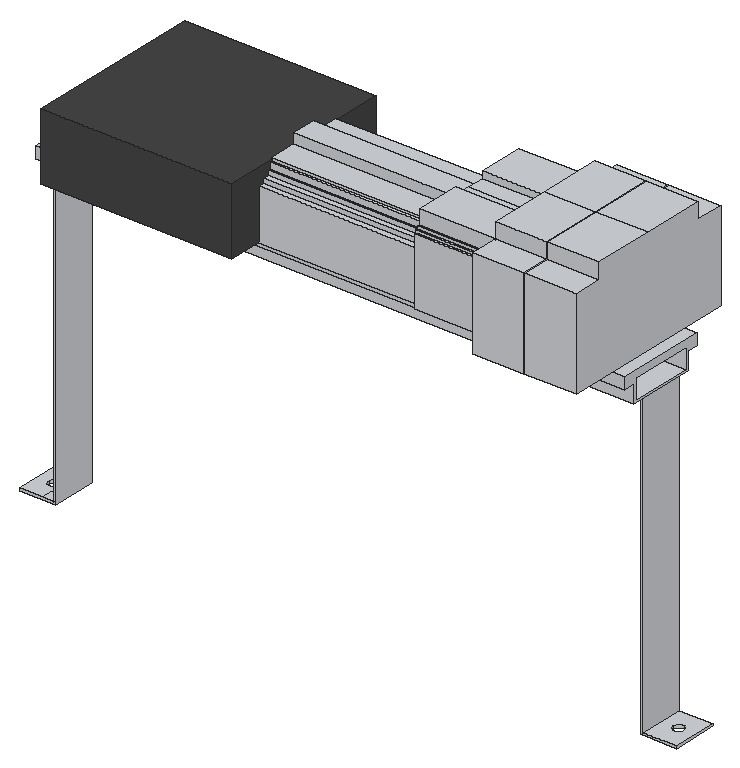
Revit family "БПО_RV17_LOD400 (07.12.2023)", category Электрооборудование, Revit 2017
Family settings
  Конфигурация панели = Два столбца, слева направо
  Размер круглого соединителя = Использовать диаметр
  Тип детали = Щит
  На основе рабочей плоскости = Да
  Всегда вертикально = Нет
  При загрузке вырезать с полостями = Нет
  Общий = Нет
  Точка расчета площади = Нет
Parameters (values of type "БПО")
  Смещение_УГО_Y [instance] = 0 mm
  Смещение_УГО_X [instance] = 0 mm
  Раздел проекта [instance] = ""
  Раздел Спецификации [instance] = ""
  Default Elevation = 1219.2 mm
  Клеммы, для подключения оборудования с сечением S=0,5-4 мм2 = 14
  Клеммы, для подключения дополнительного питания с сечением S=16 мм2 = 2
  Диапазон рабочих температур, °С = "от –40 до +50"
  Вариант исполнения в составе контроллера STS-504 = "уличное"
  В_Смещение_УГО_Y [instance] = Смещение_УГО_Y + 2000 mm  # 2000 mm
  В_Смещение_УГО_X [instance] = Смещение_УГО_X + 2000 mm  # 2000 mm
  d_короба = 20 mm
  ADSK_Размер_Длина = 292 mm
  ADSK_Размер_Глубина = 80 mm
  ADSK_Размер_Высота = 194 mm
  ADSK_Примечание = ""
  ADSK_Наименование = "Блок БПО"
  ADSK_Масса = 1
  ADSK_Марка = "СТАЕ.426479.014"
  ADSK_Количество = 1
  ADSK_Завод-изготовитель = "ООО «Основа Безопасности»"  # constant formula
  ADSK_Единица измерения = "шт."  # constant formula
  ADSK_URL страницы изделия = "https://stilsoft.ru/products/blok-bpo"
  ADSK_URL документации изделия = ""
Reference planes
  plane 1 "По центру (Вперед/Назад)": y = 0
  plane 2: z = 0
  plane 3 "По центру (Влево/Вправо)": x = 0
  plane 4: y = 2000
  plane 5: x = -2000
  plane 6: x = 0
  plane 7: y = 0
  plane 8: x = 146
  plane 9: x = -146
  plane 10: y = 40
  plane 11: y = -40
  plane 12: z = 194
Forms (mm)
  Extrusion 1, solid, detail levels medium+fine
    sketch origin (0, 0, 0) x (1, 0, 0) y (0, 0, 1)
      loop
        line (-146, -0.032) -> (-130, -0.032) -> (-130, 133) -> (130, 133) -> (130, 0) -> (146, 0) -> (146, 1) -> (131, 1) -> (131, 134) -> (79, 134) -> (-131, 134) -> (-131, 1) -> (-136, 1) -> (-146, 1) -> (-146, -0.032)
    from -10 to 10
  Extrusion 2, void, detail levels medium+fine
    sketch origin (0, 0, 0) x (1, 0, 0) y (0, 1, 0)
      loop
        circle (-138.789, 0) r 2.493
      loop
        circle (138.789, 0) r 2.493
    from 0 to 1
  Extrusion 3, solid, detail levels medium+fine
    sketch origin (0, 0, 0) x (0, 1, 0) y (0, 0, 1)
      loop
        line (15, 134) -> (15, 142) -> (20, 142) -> (20, 147) -> (-20, 147) -> (-20, 142) -> (-15, 142) -> (-15, 134) -> (15, 134)
      loop
        line (-14, 144) -> (-14, 135) -> (14, 135) -> (14, 144) -> (-14, 144)
    from -131 to 131
  Extrusion 4, solid, material "По умолчанию", detail levels medium+fine
    sketch origin (0, 0, 0) x (1, 0, 0) y (0, 1, 0)
      loop
        line (-112.967, 40) -> (-112.967, -40) -> (-27.921, -40) -> (-27.921, 40) -> (-112.967, 40)
    from 147 to 177
  Extrusion 5, solid, detail levels medium+fine
    sketch origin (0, 0, 0) x (0, 1, 0) y (0, 0, 1)
      loop
        line (25, 147) -> (25, 169.57) -> (22.513, 169.57) -> (22.513, 171.535) -> (20.013, 171.535) -> (20.013, 173.535) -> (19.013, 173.535) -> (19.013, 176.535) -> (18.013, 176.535) -> (18.013, 177.495) -> (5.517, 177.495) -> (5.517, 182) -> (-5.517, 182) -> (-5.517, 177.495) -> (-18.013, 177.495) -> (-18.013, 176.535) -> (-19.013, 176.535) -> (-19.013, 173.535) -> (-20.013, 173.535) -> (-20.013, 171.535) -> (-22.513, 171.535) -> (-22.513, 169.57) -> (-25, 169.57) -> (-25, 147) -> (25, 147)
    from -27.921 to 45.581
  Extrusion 6, solid, detail levels medium+fine
    sketch origin (0, 0, 0) x (0, 1, 0) y (0, 0, 1)
      loop
        line (-20, 147) -> (20, 147) -> (26.448, 148.728) -> (28.448, 148.728) -> (30.448, 148.728) -> (30.448, 178.728) -> (29.448, 178.728) -> (29.448, 179.728) -> (28.448, 179.728) -> (28.448, 180.728) -> (27.448, 180.728) -> (27.448, 187.178) -> (7.448, 187.178) -> (7.448, 184.007) -> (0, 184.007) -> (-7.448, 184.007) -> (-7.448, 187.178) -> (-27.448, 187.178) -> (-27.448, 180.728) -> (-28.448, 180.728) -> (-28.448, 179.728) -> (-29.448, 179.728) -> (-29.448, 178.728) -> (-30.448, 178.728) -> (-30.448, 148.728) -> (-28.448, 148.728) -> (-26.448, 148.728) -> (-20, 147)
    from 45.581 to 79.414
  Extrusion 7, solid, detail levels medium+fine
    sketch origin (0, 0, 0) x (0, 1, 0) y (0, 0, 1)
      loop
        line (40, 147) -> (40, 187) -> (27.448, 187) -> (27.448, 194) -> (0, 194) -> (-27.448, 194) -> (-27.448, 187) -> (-40, 187) -> (-40, 147) -> (40, 147)
    from 79.414 to 102.038
  Extrusion 8, solid, detail levels medium+fine
    sketch origin (0, 0, 0) x (0, 1, 0) y (0, 0, 1)
      loop
        line (40, 147) -> (40, 187) -> (27.448, 187) -> (27.448, 194) -> (0, 194) -> (-27.448, 194) -> (-27.448, 187) -> (-40, 187) -> (-40, 147) -> (40, 147)
    from 102.038 to 125.297
Cuts and joins
  Extrusion 2 cuts Extrusion 1
Dimensions and locks
  locked: plane 4 to plane 1 "По центру (Вперед/Назад)" at 2000
  locked: plane 5 to plane 3 "По центру (Влево/Вправо)" at 2000
  "В_Смещение_УГО_X": plane 5 to plane 6
  "В_Смещение_УГО_Y": plane 4 to plane 7
  "ADSK_Размер_Длина": plane 9 to plane 8
  "ADSK_Размер_Глубина": plane 10 to plane 11
  "ADSK_Размер_Высота": plane 12 to level
  aligned and locked: level to plane 2
Automatic sketch dimensions
  plane 9 to Extrusion 1 sketch curve = 0 mm
  Extrusion 1 sketch curve to level = 0 mm
  Extrusion 1 sketch curve to plane 8 = 0 mm
  level to Extrusion 1 sketch curve = 1 mm  (x2)
  Extrusion 1 sketch curve to plane 9 = 10 mm
  Extrusion 1 sketch curve to plane 9 = 15 mm
  Extrusion 1 sketch curve to level = 0.032 mm
  Extrusion 1 sketch curve to Extrusion 1 sketch curve = 1 mm  (x3)
  Extrusion 1 sketch curve to plane 8 = 67 mm
  Extrusion 1 sketch curve to plane 8 = 16 mm
  plane 1 "По центру (Вперед/Назад)" to Extrusion 2 sketch curve = 0 mm  (x2)
  Extrusion 2 sketch curve to plane 9 = 7.211 mm
  Extrusion 2 sketch curve to plane 8 = 7.211 mm
  Extrusion 3 sketch curve to Extrusion 3 sketch curve = 5 mm  (x4)
  Extrusion 3 sketch curve to Extrusion 3 sketch curve = 1 mm  (x3)
  Extrusion 3 sketch curve to Extrusion 3 sketch curve = 2 mm
  plane 11 to Extrusion 4 sketch curve = 0 mm
  Extrusion 4 sketch curve to plane 10 = 0 mm
  Extrusion 4 sketch curve to plane 9 = 33.033 mm
  Extrusion 4 sketch curve to plane 3 "По центру (Влево/Вправо)" = 27.921 mm
  Extrusion 5 sketch curve to plane 11 = 15 mm
  Extrusion 5 sketch curve to Extrusion 5 sketch curve = 2.487 mm  (x2)
  Extrusion 5 sketch curve to Extrusion 5 sketch curve = 2.5 mm  (x2)
  Extrusion 5 sketch curve to Extrusion 5 sketch curve = 1 mm  (x4)
  Extrusion 5 sketch curve to Extrusion 5 sketch curve = 22.57 mm  (x2)
  Extrusion 5 sketch curve to Extrusion 5 sketch curve = 1.965 mm  (x2)
  Extrusion 5 sketch curve to Extrusion 5 sketch curve = 2 mm  (x2)
  Extrusion 5 sketch curve to Extrusion 5 sketch curve = 3 mm  (x2)
  Extrusion 5 sketch curve to Extrusion 5 sketch curve = 0.96 mm  (x2)
  Extrusion 5 sketch curve to Extrusion 5 sketch curve = 4.505 mm
  Extrusion 6 sketch curve to plane 1 "По центру (Вперед/Назад)" = 0 mm
  Extrusion 6 sketch curve to Extrusion 6 sketch curve = 6.448 mm  (x2)
  Extrusion 6 sketch curve to plane 11 = 12.552 mm
  Extrusion 6 sketch curve to Extrusion 6 sketch curve = 1 mm  (x10)
  Extrusion 6 sketch curve to Extrusion 6 sketch curve = 2 mm  (x3)
  Extrusion 6 sketch curve to plane 10 = 12.552 mm
  Extrusion 6 sketch curve to Extrusion 6 sketch curve = 1.728 mm  (x2)
  Extrusion 6 sketch curve to plane 12 = 15.272 mm  (x2)
  Extrusion 6 sketch curve to plane 12 = 9.993 mm
  Extrusion 6 sketch curve to Extrusion 6 sketch curve = 3.171 mm  (x2)
  Extrusion 7 sketch curve to plane 11 = 0 mm
  Extrusion 7 sketch curve to plane 12 = 0 mm
  Extrusion 7 sketch curve to plane 1 "По центру (Вперед/Назад)" = 0 mm
  Extrusion 7 sketch curve to plane 10 = 0 mm
  Extrusion 7 sketch curve to plane 11 = 12.552 mm
  Extrusion 7 sketch curve to Extrusion 7 sketch curve = 12.552 mm
  Extrusion 7 sketch curve to plane 12 = 7 mm  (x2)
  Extrusion 8 sketch curve to plane 11 = 0 mm
  Extrusion 8 sketch curve to plane 12 = 0 mm
  Extrusion 8 sketch curve to plane 1 "По центру (Вперед/Назад)" = 0 mm
  Extrusion 8 sketch curve to plane 10 = 0 mm
  Extrusion 8 sketch curve to plane 11 = 12.552 mm
  Extrusion 8 sketch curve to Extrusion 8 sketch curve = 12.552 mm
  Extrusion 8 sketch curve to plane 12 = 7 mm  (x2)
  plane 1 "По центру (Вперед/Назад)" to Extrusion 3 sketch curve = 14 mm
  plane 1 "По центру (Вперед/Назад)" to Extrusion 5 sketch curve = 5.517 mm
  plane 1 "По центру (Вперед/Назад)" to Extrusion 6 sketch curve = 7.448 mm
  Extrusion 3 sketch curve to plane 1 "По центру (Вперед/Назад)" = 14 mm
  Extrusion 5 sketch curve to plane 1 "По центру (Вперед/Назад)" = 5.517 mm
  Extrusion 5 sketch curve to Extrusion 5 sketch curve = 12.496 mm
  Extrusion 6 sketch curve to plane 1 "По центру (Вперед/Назад)" = 7.448 mm
  Extrusion 6 sketch curve to Extrusion 6 sketch curve = 10.448 mm
  Extrusion 1 sketch curve to plane 12 = 61 mm
  Extrusion 3 sketch curve to plane 12 = 60 mm
  Extrusion 3 sketch curve to Extrusion 3 sketch curve = 7 mm
  Extrusion 5 sketch curve to plane 12 = 47 mm
  Extrusion 6 sketch curve to Extrusion 6 sketch curve = 30 mm
  Extrusion 7 sketch curve to Extrusion 7 sketch curve = 40 mm
  Extrusion 8 sketch curve to Extrusion 8 sketch curve = 40 mm
  radius of Extrusion 2 sketch curve = 2.493 mm  (x2)
Connectors
  electrical at (113.667, -40, 167)
    settings: on Extrusion 8, index 1, voltage 0 V, apparent load 0 VA, apparent load phase1 0 VA, apparent load phase2 0 VA, apparent load phase3 0 VA, power factor 1, load classification "Прочее", number of poles 1, system type 31, power factor state 1, is connector primary yes, connector utility no, sub classification motor no, connector description ""
  electrical at (90.726, -40, 167)
    settings: on Extrusion 7, index 2, voltage 0 V, apparent load 0 VA, apparent load phase1 0 VA, apparent load phase2 0 VA, apparent load phase3 0 VA, power factor 1, load classification "Прочее", number of poles 1, system type 31, power factor state 1, is connector primary no, connector utility no, sub classification motor no, connector description ""
  cabletrayconduit at (113.667, -40, 167), diameter 20, driven by "d_короба"
    settings: on Extrusion 8, index 3, connector width 300 mm, connector height 300 mm, connector angle 0.00°, system type 32, placement type 0, profile type 0, connector reference index -1, is primary connector yes, connector utility param no, connector description ""
  cabletrayconduit at (90.726, -40, 167), diameter 20, driven by "d_короба"
    settings: on Extrusion 7, index 4, connector width 300 mm, connector height 300 mm, connector angle 0.00°, system type 32, placement type 0, profile type 0, connector reference index -1, is primary connector no, connector utility param no, connector description ""
